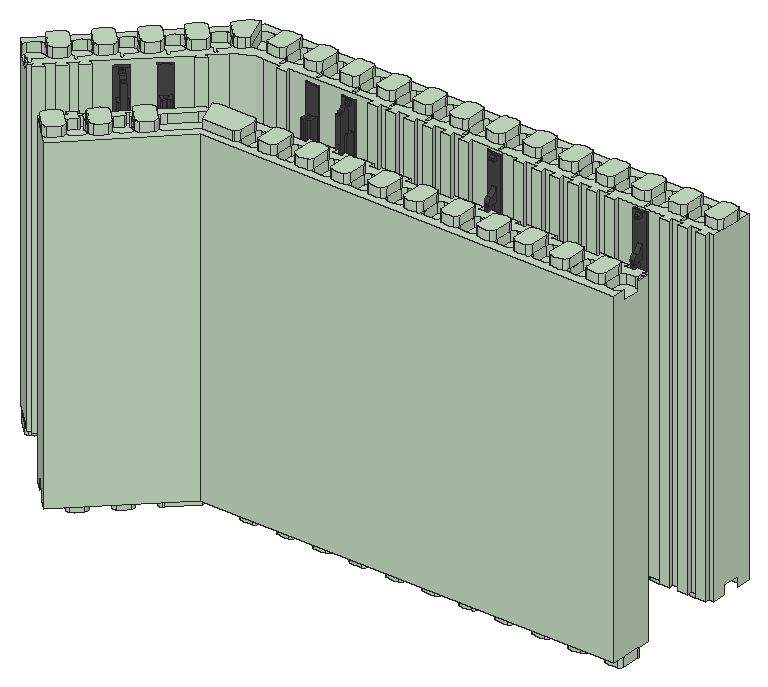
Revit family (continued)
Forms (mm)
  Extrusion 53, void
    sketch origin (579.716, -25.33, 0) x (0.707107, 0.707107, 0) y (-0.707107, 0.707107, 0)
      loop
        arc (-22.238, 206.726) -> (-27.183, 213.524) -> (-33.981, 218.47) r 26.988
    from 0 to 12.7
  Extrusion 54, void
    sketch origin (528.916, -25.33, 0) x (0.707107, 0.707107, 0) y (-0.707107, 0.707107, 0)
      loop
        arc (-33.981, 218.47) -> (-37.861, 219.088) -> (-41.362, 217.306) r 6.35
        line (-41.362, 217.306) -> (-57.906, 200.761)
        arc (-57.906, 200.761) -> (-59.689, 197.26) -> (-59.07, 193.38) r 6.35
        arc (-59.07, 193.38) -> (-55.492, 188.056) -> (-50.758, 183.727) r 26.988
        arc (-50.758, 183.727) -> (-50.1, 182.566) -> (-50.56, 181.314) r 1.588
        line (-50.56, 181.314) -> (-54.54, 177.334) -> (-51.471, 174.266) -> (-45.255, 180.482)
        arc (-45.255, 180.482) -> (-44.768, 180.814) -> (-44.193, 180.946) r 1.587
        arc (-44.193, 180.946) -> (-41.894, 181.472) -> (-39.946, 182.801) r 6.35
        line (-39.946, 182.801) -> (-23.401, 199.345)
        arc (-23.401, 199.345) -> (-21.619, 202.847) -> (-22.238, 206.726) r 6.35
        arc (-22.238, 206.726) -> (-27.183, 213.524) -> (-33.981, 218.47) r 26.988
    from 0 to 12.7
  Extrusion 55, void
    sketch origin (478.116, -25.33, 0) x (0.707107, 0.707107, 0) y (-0.707107, 0.707107, 0)
      loop
        arc (-33.981, 218.47) -> (-37.861, 219.088) -> (-41.362, 217.306) r 6.35
        line (-41.362, 217.306) -> (-57.906, 200.761)
        arc (-57.906, 200.761) -> (-59.689, 197.26) -> (-59.07, 193.38) r 6.35
        arc (-59.07, 193.38) -> (-55.492, 188.056) -> (-50.758, 183.727) r 26.988
        arc (-50.758, 183.727) -> (-50.1, 182.566) -> (-50.56, 181.314) r 1.588
        line (-50.56, 181.314) -> (-54.54, 177.334) -> (-51.471, 174.266) -> (-45.255, 180.482)
        arc (-45.255, 180.482) -> (-44.768, 180.814) -> (-44.193, 180.946) r 1.587
        arc (-44.193, 180.946) -> (-41.894, 181.472) -> (-39.946, 182.801) r 6.35
        line (-39.946, 182.801) -> (-23.401, 199.345)
        arc (-23.401, 199.345) -> (-21.619, 202.847) -> (-22.238, 206.726) r 6.35
        arc (-22.238, 206.726) -> (-27.183, 213.524) -> (-33.981, 218.47) r 26.988
    from 0 to 12.7
  Extrusion 56, void
    sketch origin (427.316, -25.33, 0) x (0.707107, 0.707107, 0) y (-0.707107, 0.707107, 0)
      loop
        arc (-33.981, 218.47) -> (-37.861, 219.088) -> (-41.362, 217.306) r 6.35
        line (-41.362, 217.306) -> (-57.906, 200.761)
        arc (-57.906, 200.761) -> (-59.689, 197.26) -> (-59.07, 193.38) r 6.35
        arc (-59.07, 193.38) -> (-55.492, 188.056) -> (-50.758, 183.727) r 26.988
        arc (-50.758, 183.727) -> (-50.1, 182.566) -> (-50.56, 181.314) r 1.588
        line (-50.56, 181.314) -> (-54.54, 177.334) -> (-51.471, 174.266) -> (-45.255, 180.482)
        arc (-45.255, 180.482) -> (-44.768, 180.814) -> (-44.193, 180.946) r 1.587
        arc (-44.193, 180.946) -> (-41.894, 181.472) -> (-39.946, 182.801) r 6.35
        line (-39.946, 182.801) -> (-23.401, 199.345)
        arc (-23.401, 199.345) -> (-21.619, 202.847) -> (-22.238, 206.726) r 6.35
        arc (-22.238, 206.726) -> (-27.183, 213.524) -> (-33.981, 218.47) r 26.988
    from 0 to 12.7
  Extrusion 57, void
    sketch origin (376.516, -25.33, 0) x (0.707107, 0.707107, 0) y (-0.707107, 0.707107, 0)
      loop
        arc (-33.981, 218.47) -> (-37.861, 219.088) -> (-41.362, 217.306) r 6.35
        line (-41.362, 217.306) -> (-57.906, 200.761)
        arc (-57.906, 200.761) -> (-59.689, 197.26) -> (-59.07, 193.38) r 6.35
        arc (-59.07, 193.38) -> (-55.492, 188.056) -> (-50.758, 183.727) r 26.988
        arc (-50.758, 183.727) -> (-50.1, 182.566) -> (-50.56, 181.314) r 1.588
        line (-50.56, 181.314) -> (-54.54, 177.334) -> (-51.471, 174.266) -> (-45.255, 180.482)
        arc (-45.255, 180.482) -> (-44.768, 180.814) -> (-44.193, 180.946) r 1.587
        arc (-44.193, 180.946) -> (-41.894, 181.472) -> (-39.946, 182.801) r 6.35
        line (-39.946, 182.801) -> (-23.401, 199.345)
        arc (-23.401, 199.345) -> (-21.619, 202.847) -> (-22.238, 206.726) r 6.35
        arc (-22.238, 206.726) -> (-27.183, 213.524) -> (-33.981, 218.47) r 26.988
    from 0 to 12.7
  Extrusion 58, void
    sketch origin (325.716, -25.33, 0) x (0.707107, 0.707107, 0) y (-0.707107, 0.707107, 0)
      loop
        arc (-33.981, 218.47) -> (-37.861, 219.088) -> (-41.362, 217.306) r 6.35
        line (-41.362, 217.306) -> (-57.906, 200.761)
        arc (-57.906, 200.761) -> (-59.689, 197.26) -> (-59.07, 193.38) r 6.35
        arc (-59.07, 193.38) -> (-55.492, 188.056) -> (-50.758, 183.727) r 26.988
        arc (-50.758, 183.727) -> (-50.1, 182.566) -> (-50.56, 181.314) r 1.588
        line (-50.56, 181.314) -> (-54.54, 177.334) -> (-51.471, 174.266) -> (-45.255, 180.482)
        arc (-45.255, 180.482) -> (-44.768, 180.814) -> (-44.193, 180.946) r 1.587
        arc (-44.193, 180.946) -> (-41.894, 181.472) -> (-39.946, 182.801) r 6.35
        line (-39.946, 182.801) -> (-23.401, 199.345)
        arc (-23.401, 199.345) -> (-21.619, 202.847) -> (-22.238, 206.726) r 6.35
        arc (-22.238, 206.726) -> (-27.183, 213.524) -> (-33.981, 218.47) r 26.988
    from 0 to 12.7
  Extrusion 59, void
    sketch origin (274.916, -25.33, 0) x (0.707107, 0.707107, 0) y (-0.707107, 0.707107, 0)
      loop
        arc (-33.981, 218.47) -> (-37.861, 219.088) -> (-41.362, 217.306) r 6.35
        line (-41.362, 217.306) -> (-57.906, 200.761)
        arc (-57.906, 200.761) -> (-59.689, 197.26) -> (-59.07, 193.38) r 6.35
        arc (-59.07, 193.38) -> (-55.492, 188.056) -> (-50.758, 183.727) r 26.988
        arc (-50.758, 183.727) -> (-50.1, 182.566) -> (-50.56, 181.314) r 1.588
        line (-50.56, 181.314) -> (-54.54, 177.334) -> (-51.471, 174.266) -> (-45.255, 180.482)
        arc (-45.255, 180.482) -> (-44.768, 180.814) -> (-44.193, 180.946) r 1.587
        arc (-44.193, 180.946) -> (-41.894, 181.472) -> (-39.946, 182.801) r 6.35
        line (-39.946, 182.801) -> (-23.401, 199.345)
        arc (-23.401, 199.345) -> (-21.619, 202.847) -> (-22.238, 206.726) r 6.35
        arc (-22.238, 206.726) -> (-27.183, 213.524) -> (-33.981, 218.47) r 26.988
    from 0 to 12.7
  Extrusion 60, void
    sketch origin (224.116, -25.33, 0) x (0.707107, 0.707107, 0) y (-0.707107, 0.707107, 0)
      loop
        arc (-33.981, 218.47) -> (-37.861, 219.088) -> (-41.362, 217.306) r 6.35
        line (-41.362, 217.306) -> (-57.906, 200.761)
        arc (-57.906, 200.761) -> (-59.689, 197.26) -> (-59.07, 193.38) r 6.35
        arc (-59.07, 193.38) -> (-55.492, 188.056) -> (-50.758, 183.727) r 26.988
        arc (-50.758, 183.727) -> (-50.1, 182.566) -> (-50.56, 181.314) r 1.588
        line (-50.56, 181.314) -> (-54.54, 177.334) -> (-51.471, 174.266) -> (-45.255, 180.482)
        arc (-45.255, 180.482) -> (-44.768, 180.814) -> (-44.193, 180.946) r 1.587
        arc (-44.193, 180.946) -> (-41.894, 181.472) -> (-39.946, 182.801) r 6.35
        line (-39.946, 182.801) -> (-23.401, 199.345)
        arc (-23.401, 199.345) -> (-21.619, 202.847) -> (-22.238, 206.726) r 6.35
        arc (-22.238, 206.726) -> (-27.183, 213.524) -> (-33.981, 218.47) r 26.988
    from 0 to 12.7
  Extrusion 61, void
    sketch origin (173.316, -25.33, 0) x (0.707107, 0.707107, 0) y (-0.707107, 0.707107, 0)
      loop
        arc (-33.981, 218.47) -> (-37.861, 219.088) -> (-41.362, 217.306) r 6.35
        line (-41.362, 217.306) -> (-57.906, 200.761)
        arc (-57.906, 200.761) -> (-59.689, 197.26) -> (-59.07, 193.38) r 6.35
        arc (-59.07, 193.38) -> (-55.492, 188.056) -> (-50.758, 183.727) r 26.988
        arc (-50.758, 183.727) -> (-50.1, 182.566) -> (-50.56, 181.314) r 1.588
        line (-50.56, 181.314) -> (-54.54, 177.334) -> (-51.471, 174.266) -> (-45.255, 180.482)
        arc (-45.255, 180.482) -> (-44.768, 180.814) -> (-44.193, 180.946) r 1.587
        arc (-44.193, 180.946) -> (-41.894, 181.472) -> (-39.946, 182.801) r 6.35
        line (-39.946, 182.801) -> (-23.401, 199.345)
        arc (-23.401, 199.345) -> (-21.619, 202.847) -> (-22.238, 206.726) r 6.35
        arc (-22.238, 206.726) -> (-27.183, 213.524) -> (-33.981, 218.47) r 26.988
    from 0 to 12.7
  Extrusion 62, void
    sketch origin (118.468, 82.433, 0) x (0, 1, 0) y (-1, 0, 0)
      loop
        arc (-33.981, 218.47) -> (-37.861, 219.088) -> (-41.362, 217.306) r 6.35
        line (-41.362, 217.306) -> (-57.906, 200.761)
        arc (-57.906, 200.761) -> (-59.689, 197.26) -> (-59.07, 193.38) r 6.35
        arc (-59.07, 193.38) -> (-55.492, 188.056) -> (-50.758, 183.727) r 26.988
        arc (-50.758, 183.727) -> (-50.1, 182.566) -> (-50.56, 181.314) r 1.588
        line (-50.56, 181.314) -> (-54.54, 177.334) -> (-51.471, 174.266) -> (-45.255, 180.482)
        arc (-45.255, 180.482) -> (-44.768, 180.814) -> (-44.193, 180.946) r 1.587
        arc (-44.193, 180.946) -> (-41.894, 181.472) -> (-39.946, 182.801) r 6.35
        line (-39.946, 182.801) -> (-23.401, 199.345)
        arc (-23.401, 199.345) -> (-21.619, 202.847) -> (-22.238, 206.726) r 6.35
        arc (-22.238, 206.726) -> (-27.183, 213.524) -> (-33.981, 218.47) r 26.988
    from 0 to 12.7
  Extrusion 63, void
    sketch origin (82.547, 46.512, 0) x (0, 1, 0) y (-1, 0, 0)
      loop
        arc (-33.981, 218.47) -> (-37.861, 219.088) -> (-41.362, 217.306) r 6.35
        line (-41.362, 217.306) -> (-57.906, 200.761)
        arc (-57.906, 200.761) -> (-59.689, 197.26) -> (-59.07, 193.38) r 6.35
        arc (-59.07, 193.38) -> (-55.492, 188.056) -> (-50.758, 183.727) r 26.988
        arc (-50.758, 183.727) -> (-50.1, 182.566) -> (-50.56, 181.314) r 1.588
        line (-50.56, 181.314) -> (-54.54, 177.334) -> (-51.471, 174.266) -> (-45.255, 180.482)
        arc (-45.255, 180.482) -> (-44.768, 180.814) -> (-44.193, 180.946) r 1.587
        arc (-44.193, 180.946) -> (-41.894, 181.472) -> (-39.946, 182.801) r 6.35
        line (-39.946, 182.801) -> (-23.401, 199.345)
        arc (-23.401, 199.345) -> (-21.619, 202.847) -> (-22.238, 206.726) r 6.35
        arc (-22.238, 206.726) -> (-27.183, 213.524) -> (-33.981, 218.47) r 26.988
    from 0 to 12.7
  Extrusion 64, void
    sketch origin (46.626, 10.591, 0) x (0, 1, 0) y (-1, 0, 0)
      loop
        arc (-33.981, 218.47) -> (-37.861, 219.088) -> (-41.362, 217.306) r 6.35
        line (-41.362, 217.306) -> (-57.906, 200.761)
        arc (-57.906, 200.761) -> (-59.689, 197.26) -> (-59.07, 193.38) r 6.35
        arc (-59.07, 193.38) -> (-55.492, 188.056) -> (-50.758, 183.727) r 26.988
        arc (-50.758, 183.727) -> (-50.1, 182.566) -> (-50.56, 181.314) r 1.588
        line (-50.56, 181.314) -> (-54.54, 177.334) -> (-51.471, 174.266) -> (-45.255, 180.482)
        arc (-45.255, 180.482) -> (-44.768, 180.814) -> (-44.193, 180.946) r 1.587
        arc (-44.193, 180.946) -> (-41.894, 181.472) -> (-39.946, 182.801) r 6.35
        line (-39.946, 182.801) -> (-23.401, 199.345)
        arc (-23.401, 199.345) -> (-21.619, 202.847) -> (-22.238, 206.726) r 6.35
        arc (-22.238, 206.726) -> (-27.183, 213.524) -> (-33.981, 218.47) r 26.988
    from 0 to 12.7
  Extrusion 65, void
    sketch origin (10.705, -25.33, 0) x (0, 1, 0) y (-1, 0, 0)
      loop
        arc (-33.981, 218.47) -> (-37.861, 219.088) -> (-41.362, 217.306) r 6.35
        line (-41.362, 217.306) -> (-57.906, 200.761)
        arc (-57.906, 200.761) -> (-59.689, 197.26) -> (-59.07, 193.38) r 6.35
        arc (-59.07, 193.38) -> (-55.492, 188.056) -> (-50.758, 183.727) r 26.988
        arc (-50.758, 183.727) -> (-50.1, 182.566) -> (-50.56, 181.314) r 1.588
        line (-50.56, 181.314) -> (-54.54, 177.334) -> (-51.471, 174.266) -> (-45.255, 180.482)
        arc (-45.255, 180.482) -> (-44.768, 180.814) -> (-44.193, 180.946) r 1.587
        arc (-44.193, 180.946) -> (-41.894, 181.472) -> (-39.946, 182.801) r 6.35
        line (-39.946, 182.801) -> (-23.401, 199.345)
        arc (-23.401, 199.345) -> (-21.619, 202.847) -> (-22.238, 206.726) r 6.35
        arc (-22.238, 206.726) -> (-27.183, 213.524) -> (-33.981, 218.47) r 26.988
    from 0 to 12.7
  Extrusion 66, void
    sketch origin (-621.716, -603.192, 0) x (1, 0, 0) y (0, 1, 0)
      loop
        arc (614.218, 499.042) -> (611.479, 495.837) -> (609.273, 492.245) r 26.987
        arc (609.273, 492.245) -> (608.654, 488.365) -> (610.436, 484.864) r 6.35
        line (610.436, 484.864) -> (626.981, 468.319)
        arc (626.981, 468.319) -> (630.482, 466.537) -> (634.362, 467.156) r 6.35
        arc (634.362, 467.156) -> (635.114, 467.555) -> (635.853, 467.978) r 26.987
        line (635.853, 467.978) -> (665.611, 497.736) -> (651.427, 531.979)
        arc (651.427, 531.979) -> (644.566, 528.311) -> (638.552, 523.376) r 39.687
        line (638.552, 523.376) -> (614.218, 499.042)
    from 457.2 to 444.5
  Extrusion 67, void
    sketch origin (866.505, 13.25, 0) x (-0.707107, -0.707107, 0) y (0.707107, -0.707107, 0)
      loop
        line (614.218, -499.042) -> (638.552, -523.376)
        arc (638.552, -523.376) -> (644.566, -528.311) -> (651.427, -531.979) r 39.687
        line (651.427, -531.979) -> (665.611, -497.736) -> (635.853, -467.978)
        arc (635.853, -467.978) -> (635.114, -467.555) -> (634.362, -467.156) r 26.987
        arc (634.362, -467.156) -> (630.482, -466.537) -> (626.981, -468.319) r 6.35
        line (626.981, -468.319) -> (610.436, -484.864)
        arc (610.436, -484.864) -> (608.654, -488.365) -> (609.273, -492.245) r 6.35
        arc (609.273, -492.245) -> (611.479, -495.837) -> (614.218, -499.042) r 26.987
    from 0 to 12.7
  Extrusion 68, solid, material "NUDURA Expanded Polystyrene Foam Insulation"
    sketch origin (-621.716, -603.192, 0) x (1, 0, 0) y (0, 1, 0)
      loop
        arc (707.695, 497.736) -> (708.517, 497.96) -> (709.331, 498.209) r 26.988
        arc (709.331, 498.209) -> (712.512, 500.515) -> (713.727, 504.251) r 6.35
        line (713.727, 504.251) -> (713.727, 527.648)
        arc (713.727, 527.648) -> (712.512, 531.385) -> (709.331, 533.69) r 6.35
        arc (709.331, 533.69) -> (705.231, 534.67) -> (701.027, 535) r 26.987
        line (701.027, 535) -> (666.615, 535)
        arc (666.615, 535) -> (658.872, 534.237) -> (651.427, 531.979) r 39.687
        line (651.427, 531.979) -> (665.611, 497.736) -> (707.695, 497.736)
    from 457.2 to 469.9
  Extrusion 69, solid, material "NUDURA Expanded Polystyrene Foam Insulation"
    sketch origin (866.505, 13.25, 0) x (-0.707107, -0.707107, 0) y (0.707107, -0.707107, 0)
      loop
        line (707.695, -497.736) -> (665.611, -497.736) -> (651.427, -531.979)
        arc (651.427, -531.979) -> (658.872, -534.237) -> (666.615, -535) r 39.687
        line (666.615, -535) -> (701.027, -535)
        arc (701.027, -535) -> (705.231, -534.67) -> (709.331, -533.69) r 26.987
        arc (709.331, -533.69) -> (712.512, -531.385) -> (713.727, -527.648) r 6.35
        line (713.727, -527.648) -> (713.727, -504.251)
        arc (713.727, -504.251) -> (712.512, -500.515) -> (709.331, -498.209) r 6.35
        arc (709.331, -498.209) -> (708.517, -497.96) -> (707.695, -497.736) r 26.988
    from 0 to -12.7
Cuts and joins
  Extrusion 4, Extrusion 5, Extrusion 6, Extrusion 7, Extrusion 8, Extrusion 9, Extrusion 10, Extrusion 11, Extrusion 12, Extrusion 13, Extrusion 14, Extrusion 15, Extrusion 16, Extrusion 17, Extrusion 18, Extrusion 19, Extrusion 20, Extrusion 21, Extrusion 22, Extrusion 23, Extrusion 24, Extrusion 25, Extrusion 26, Extrusion 27, Extrusion 28, Extrusion 29, Extrusion 30, Extrusion 31, Extrusion 32, Extrusion 33, Extrusion 34, Extrusion 35, Extrusion 36, Extrusion 37, Extrusion 38, Extrusion 39, Extrusion 40, Extrusion 41, Extrusion 42, Extrusion 43, Extrusion 44, Extrusion 45, Extrusion 46, Extrusion 47, Extrusion 48, Extrusion 49, Extrusion 50, Extrusion 51, Extrusion 52, Extrusion 53, Extrusion 54, Extrusion 55, Extrusion 56, Extrusion 57, Extrusion 58, Extrusion 59, Extrusion 60, Extrusion 61, Extrusion 62, Extrusion 63, Extrusion 64, Extrusion 65, Extrusion 66, Extrusion 67 cuts Extrusion 1
  Extrusion 6 cuts Extrusion 68
  Extrusion 33 cuts Extrusion 2
  Extrusion 35 cuts Extrusion 3
  Extrusion 38 cuts Extrusion 69
Lines and regions (mm)
  model lines
    curve 1: line (219.167, 117.545, 457.2) -> (219.167, 117.545, 0)
    curve 2: line (168.367, 117.545, 457.2) -> (168.367, 117.545, 0)
    curve 3: line (-201.696, -35.675, 0) -> (-201.696, -35.675, 457.2)
Dimensions and locks
  aligned and locked: level to plane 2
  aligned and locked: Extrusion 1 to level
  aligned and locked: level to Extrusion 1  (x2)
Nested families
  nested 1: "Interlock Tooth" at (574.611, 25.47, 0), type "Interlock Tooth"
  nested 2: "Interlock Tooth" at (523.811, 25.47, 0), type "Interlock Tooth"
  nested 3: "Interlock Tooth" at (473.011, 25.47, 0), type "Interlock Tooth"
  nested 4: "Interlock Tooth" at (422.211, 25.47, 0), type "Interlock Tooth"
  nested 5: "Interlock Tooth" at (371.411, 25.47, 0), type "Interlock Tooth"
  nested 6: "Interlock Tooth" at (320.611, 25.47, 0), type "Interlock Tooth"
  nested 7: "Interlock Tooth" at (269.811, 25.47, 0), type "Interlock Tooth"
  nested 8: "Interlock Tooth" at (219.011, 25.47, 0), type "Interlock Tooth"
  nested 9: "Interlock Tooth" at (168.211, 25.47, 0), type "Interlock Tooth"
  nested 10: "Interlock Tooth" at (117.411, 25.47, 0), type "Interlock Tooth"
  nested 11: "Interlock Tooth" at (-100.668, -64.861, 0) x (0.7071, 0.7071, 0) z (0, 0, 1), type "Interlock Tooth"
  nested 12: "Interlock Tooth" at (-136.589, -100.782, 0) x (0.7071, 0.7071, 0) z (0, 0, 1), type "Interlock Tooth"
  nested 13: "Interlock Tooth" at (-172.51, -136.703, 0) x (0.7071, 0.7071, 0) z (0, 0, 1), type "Interlock Tooth"
  nested 14: "Interlock Tooth" at (600.011, -25.33, 0), type "Interlock Tooth"
  nested 15: "Interlock Tooth" at (549.211, -25.33, 0), type "Interlock Tooth"
  nested 16: "Interlock Tooth" at (498.411, -25.33, 0), type "Interlock Tooth"
  nested 17: "Interlock Tooth" at (447.611, -25.33, 0), type "Interlock Tooth"
  nested 18: "Interlock Tooth" at (396.811, -25.33, 0), type "Interlock Tooth"
  nested 19: "Interlock Tooth" at (346.011, -25.33, 0), type "Interlock Tooth"
  nested 20: "Interlock Tooth" at (295.211, -25.33, 0), type "Interlock Tooth"
  nested 21: "Interlock Tooth" at (244.411, -25.33, 0), type "Interlock Tooth"
  nested 22: "Interlock Tooth" at (193.611, -25.33, 0), type "Interlock Tooth"
  nested 23: "Interlock Tooth" at (142.811, -25.33, 0), type "Interlock Tooth"
  nested 24: "Interlock Tooth" at (92.011, -25.33, 0), type "Interlock Tooth"
  nested 25: "Interlock Tooth" at (41.211, -25.33, 0), type "Interlock Tooth"
  nested 26: "Interlock Tooth" at (-9.589, -25.33, 0), type "Interlock Tooth"
  nested 27: "Interlock Tooth" at (-10.866, -46.901, 0) x (0.7071, 0.7071, 0) z (0, 0, 1), type "Interlock Tooth"
  nested 28: "Interlock Tooth" at (-46.787, -82.822, 0) x (0.7071, 0.7071, 0) z (0, 0, 1), type "Interlock Tooth"
  nested 29: "Interlock Tooth" at (-82.708, -118.743, 0) x (0.7071, 0.7071, 0) z (0, 0, 1), type "Interlock Tooth"
  nested 30: "Interlock Tooth" at (-118.629, -154.664, 0) x (0.7071, 0.7071, 0) z (0, 0, 1), type "Interlock Tooth"
  nested 31: "Interlock Tooth" at (-154.55, -118.743, -469.9) x (0.7071, 0.7071, 0) z (0, 0, 1), type "Interlock Tooth"
  nested 32: "Interlock Tooth" at (-118.629, -82.822, -469.9) x (0.7071, 0.7071, 0) z (0, 0, 1), type "Interlock Tooth"
  nested 33: "Interlock Tooth" at (-295.989, -13.225, -469.9) x (0.7071, 0.7071, 0) z (0, 0, 1), type "Interlock Tooth"
  nested 34: "Interlock Tooth" at (-260.068, 22.696, -469.9) x (0.7071, 0.7071, 0) z (0, 0, 1), type "Interlock Tooth"
  nested 35: "Interlock Tooth" at (-224.147, 58.617, -469.9) x (0.7071, 0.7071, 0) z (0, 0, 1), type "Interlock Tooth"
  nested 36: "Interlock Tooth" at (-188.226, 94.538, -469.9) x (0.7071, 0.7071, 0) z (0, 0, 1), type "Interlock Tooth"
  nested 37: "Interlock Tooth" at (-152.305, 130.46, -469.9) x (0.7071, 0.7071, 0) z (0, 0, 1), type "Interlock Tooth"
  nested 38: "Interlock Tooth" at (41.211, -25.33, -469.9) x (-1, 0, 0) z (0, 0, 1), type "Interlock Tooth"
  nested 39: "Interlock Tooth" at (92.011, -25.33, -469.9) x (-1, 0, 0) z (0, 0, 1), type "Interlock Tooth"
  nested 40: "Interlock Tooth" at (142.811, -25.33, -469.9) x (-1, 0, 0) z (0, 0, 1), type "Interlock Tooth"
  nested 41: "Interlock Tooth" at (193.611, -25.33, -469.9) x (-1, 0, 0) z (0, 0, 1), type "Interlock Tooth"
  nested 42: "Interlock Tooth" at (244.411, -25.33, -469.9) x (-1, 0, 0) z (0, 0, 1), type "Interlock Tooth"
  nested 43: "Interlock Tooth" at (295.211, -25.33, -469.9) x (-1, 0, 0) z (0, 0, 1), type "Interlock Tooth"
  nested 44: "Interlock Tooth" at (346.011, -25.33, -469.9) x (-1, 0, 0) z (0, 0, 1), type "Interlock Tooth"
  nested 45: "Interlock Tooth" at (396.811, -25.33, -469.9) x (-1, 0, 0) z (0, 0, 1), type "Interlock Tooth"
  nested 46: "Interlock Tooth" at (447.611, -25.33, -469.9) x (-1, 0, 0) z (0, 0, 1), type "Interlock Tooth"
  nested 47: "Interlock Tooth" at (498.411, -25.33, -469.9) x (-1, 0, 0) z (0, 0, 1), type "Interlock Tooth"
  nested 48: "Interlock Tooth" at (549.211, -25.33, -469.9) x (-1, 0, 0) z (0, 0, 1), type "Interlock Tooth"
  nested 49: "Interlock Tooth" at (600.011, -25.33, -469.9) x (-1, 0, 0) z (0, 0, 1), type "Interlock Tooth"
  nested 50: "Interlock Tooth" at (625.411, 25.47, -469.9) x (-1, 0, 0) z (0, 0, 1), type "Interlock Tooth"
  nested 51: "Interlock Tooth" at (574.611, 25.47, -469.9) x (-1, 0, 0) z (0, 0, 1), type "Interlock Tooth"
  nested 52: "Interlock Tooth" at (523.811, 25.47, -469.9) x (-1, 0, 0) z (0, 0, 1), type "Interlock Tooth"
  nested 53: "Interlock Tooth" at (473.011, 25.47, -469.9) x (-1, 0, 0) z (0, 0, 1), type "Interlock Tooth"
  nested 54: "Interlock Tooth" at (422.211, 25.47, -469.9) x (-1, 0, 0) z (0, 0, 1), type "Interlock Tooth"
  nested 55: "Interlock Tooth" at (371.411, 25.47, -469.9) x (-1, 0, 0) z (0, 0, 1), type "Interlock Tooth"
  nested 56: "Interlock Tooth" at (320.611, 25.47, -469.9) x (-1, 0, 0) z (0, 0, 1), type "Interlock Tooth"
  nested 57: "Interlock Tooth" at (269.811, 25.47, -469.9) x (-1, 0, 0) z (0, 0, 1), type "Interlock Tooth"
  nested 58: "Interlock Tooth" at (219.011, 25.47, -469.9) x (-1, 0, 0) z (0, 0, 1), type "Interlock Tooth"
  nested 59: "Interlock Tooth" at (168.211, 25.47, -469.9) x (-1, 0, 0) z (0, 0, 1), type "Interlock Tooth"
  nested 60: "Interlock Tooth" at (117.411, 25.47, -469.9) x (-1, 0, 0) z (0, 0, 1), type "Interlock Tooth"
  nested 61: "Capture Lugs" at (66.611, -25.33, 0) x (-1, 0, 0) z (0, 0, 1), type "Capture Lugs"
  nested 62: "Capture Lugs" at (-28.826, -64.861, 0) x (-0.7071, -0.7071, 0) z (0, 0, 1), type "Capture Lugs"
  nested 63: "NUDURA Diamond Pattern" at (422.367, 25.47, 0), type "NUDURA Diamond Pattern"
  nested 64: "NUDURA Diamond Pattern" at (15.967, 25.47, 0), type "NUDURA Diamond Pattern"
  nested 65: "NUDURA Diamond Pattern" at (422.367, -25.33, 0), type "NUDURA Diamond Pattern"
  nested 66: "NUDURA Diamond Pattern" at (219.167, -25.33, 0), type "NUDURA Diamond Pattern"
  nested 67: "NUDURA Logo Diamond" at (5.511, -117.405, 0), type "NUDURA Logo Diamond"
  nested 68: "4-inch Web" at (523.811, 0.07, 0), type "4-inch Web"
  nested 69: "4-inch Web" at (320.611, 0.07, 0), type "4-inch Web"
  nested 70: "4-inch Insert Web" at (117.411, 0.07, 0), type "4-inch Insert Web"
  nested 71: "4-inch Insert Web" at (-80.918, -81.032, 0) x (0.7071, 0.7071, 0) z (0, 0, 1), type "4-inch Insert Web"
  nested 72: "NUDURA Diamond Pattern" at (173.23, -195.075, 0) x (-0.7071, -0.7071, 0) z (0, 0, 1), type "NUDURA Diamond Pattern"
  nested 73: "NUDURA Diamond Pattern Missing Two Lines" at (-34.989, 260.42, 0), type "NUDURA Diamond Pattern minus Two lines"
  nested 74: "NUDURA Logo Diamond with No Outside Lines" at (423.015, 117.545, 0) x (-1, 0, 0) z (0, 0, 1), type "NUDURA Logo Diamond with No Outside Lines"
  nested 75: "NUDURA Logo Diamond with No Outside Lines" at (49.705, 215.726, 0) x (-0.7071, -0.7071, 0) z (0, 0, 1), type "NUDURA Logo Diamond with No Outside Lines"
  nested 76: "NUDURA Diamond Pattern Missing Two Lines" at (41.995, 5.96, 0) x (-0.7071, -0.7071, 0) z (0, 0, 1), type "NUDURA Diamond Pattern minus Two lines"
Definition of nested family "Interlock Tooth"
  Reference planes
    plane 1 "Center (Front/Back)": y = 0
    plane 2: z = 0
    plane 3 "Center (Left/Right)": x = 0
    plane 4: z = 457.2
    plane 5: z = 469.9
    plane 6: z = -12.7
  Forms (mm)
    Extrusion 1, solid, material "NUDURA Expanded Polystyrene Foam Insulation"
      sketch origin (0, -225.425, 0) x (1, 0, 0) y (0, 1, 0)
        loop
          arc (0, 101.014) -> (1.215, 97.278) -> (4.396, 94.972) r 6.35
          arc (4.396, 94.972) -> (12.7, 93.663) -> (21.004, 94.972) r 26.988
          arc (21.004, 94.972) -> (24.185, 97.278) -> (25.4, 101.014) r 6.35
          line (25.4, 101.014) -> (25.4, 124.411)
          arc (25.4, 124.411) -> (24.185, 128.147) -> (21.004, 130.453) r 6.35
          arc (21.004, 130.453) -> (12.7, 131.763) -> (4.396, 130.453) r 26.987
          arc (4.396, 130.453) -> (1.215, 128.147) -> (0, 124.411) r 6.35
          line (0, 124.411) -> (0, 101.014)
      from 457.2 to 469.9
  Dimensions and locks
    locked: plane 4 to level at 457.2
    locked: plane 4 to plane 5 at 12.7
    locked: plane 6 to level at 12.7
Definition of nested family "Capture Lugs"
  Reference planes
    plane 1 "Center (Front/Back)": y = 0
    plane 2: z = 0
    plane 3 "Center (Left/Right)": x = 0
  Forms (mm)
    Extrusion 1, solid, material "High Density Polystyrene"
      sketch origin (0, 0, 0) x (0, 1, 0) y (0, 0, 1)
        loop
          arc (-82.55, 0) -> (-81.817, 0.502) -> (-81.534, 1.344) r 1.397
          line (-81.534, 1.344) -> (-81.534, 449.4)
          arc (-81.534, 449.4) -> (-81.817, 450.243) -> (-82.55, 450.744) r 1.397
          line (-82.55, 450.744) -> (-82.55, 0)
      from 9.227 to -9.227
    Extrusion 2, solid, material "High Density Polystyrene"
      sketch origin (0, 0, 0) x (0, 1, 0) y (0, 0, 1)
        loop
          line (-81.534, 410.919) -> (-81.534, 380.439) -> (-68.834, 380.439) -> (-68.834, 410.919) -> (-81.534, 410.919)
        loop
          line (-81.534, 361.389) -> (-81.534, 330.909) -> (-68.834, 330.909) -> (-68.834, 361.389) -> (-81.534, 361.389)
        loop
          line (-81.534, 311.859) -> (-81.534, 281.379) -> (-68.834, 281.379) -> (-68.834, 311.859) -> (-81.534, 311.859)
        loop
          line (-81.534, 262.329) -> (-81.534, 234.897) -> (-68.834, 234.897) -> (-68.834, 262.329) -> (-81.534, 262.329)
        loop
          line (-81.534, 215.847) -> (-81.534, 188.415) -> (-68.834, 188.415) -> (-68.834, 215.847) -> (-81.534, 215.847)
        loop
          line (-81.534, 169.365) -> (-81.534, 138.885) -> (-68.834, 138.885) -> (-68.834, 169.365) -> (-81.534, 169.365)
        loop
          line (-81.534, 119.835) -> (-81.534, 89.355) -> (-68.834, 89.355) -> (-68.834, 119.835) -> (-81.534, 119.835)
        loop
          line (-81.534, 70.305) -> (-81.534, 39.825) -> (-68.834, 39.825) -> (-68.834, 70.305) -> (-81.534, 70.305)
      from 6.35 to -6.35
    Extrusion 3, void
      sketch origin (0, 0, 0) x (1, 0, 0) y (0, 1, 0)
        loop
          arc (-6.35, -70.929) -> (-5.736, -69.448) -> (-4.255, -68.834) r 2.095
          line (-4.255, -68.834) -> (-6.35, -68.834) -> (-6.35, -70.929)
      from 0 to 457.2
    Extrusion 4, void
      sketch origin (0, 0, 0) x (-1, 0, 0) y (0, -1, 0)
        loop
          line (-6.35, 70.929) -> (-6.35, 68.834) -> (-4.255, 68.834)
          arc (-4.255, 68.834) -> (-5.736, 69.448) -> (-6.35, 70.929) r 2.095
      from 0 to 457.2
    Extrusion 5, void
      sketch origin (0, 0, 0) x (1, 0, 0) y (0, 1, 0)
        loop
          arc (-1.191, -72.009) -> (0, -78.127) -> (1.191, -72.009) r 3.175
          line (1.191, -72.009) -> (1.191, -68.834) -> (-1.191, -68.834) -> (-1.191, -72.009)
      from 0 to 457.2
  Cuts and joins
    Extrusion 3, Extrusion 4 cuts Extrusion 1
    Extrusion 3, Extrusion 4, Extrusion 5 cuts Extrusion 2
Definition of nested family "4-inch Web"
  Reference planes
    plane 1 "Center (Front/Back)": y = 0
    plane 2: z = 0
    plane 3 "Center (Left/Right)": x = 0
  Forms (mm)
    Extrusion 1, solid, material "Polypropylene"
      sketch origin (0, -50.8, -12.7) x (0, 1, 0) y (0, 0, 1)
        loop
          arc (106.299, 25.02) -> (106.14, 24.651) -> (105.763, 24.513) r 0.508
          line (105.763, 24.513) -> (101.755, 24.735)
          arc (101.755, 24.735) -> (101.378, 24.597) -> (101.219, 24.228) r 0.508
          line (101.219, 24.228) -> (101.219, 22.419)
          arc (101.219, 22.419) -> (101.324, 22.033) -> (101.611, 21.753) r 0.762
          line (101.611, 21.753) -> (105.907, 19.367)
          arc (105.907, 19.367) -> (106.194, 19.087) -> (106.299, 18.7) r 0.762
          line (106.299, 18.7) -> (106.299, 25.02)
        loop
          line (-4.699, 25.02) -> (-4.699, 18.7)
          arc (-4.699, 18.7) -> (-4.594, 19.087) -> (-4.307, 19.367) r 0.762
          line (-4.307, 19.367) -> (-0.011, 21.753)
          arc (-0.011, 21.753) -> (0.276, 22.033) -> (0.381, 22.419) r 0.762
          line (0.381, 22.419) -> (0.381, 24.228)
          arc (0.381, 24.228) -> (0.222, 24.597) -> (-0.155, 24.735) r 0.508
          line (-0.155, 24.735) -> (-4.163, 24.513)
          arc (-4.163, 24.513) -> (-4.54, 24.651) -> (-4.699, 25.02) r 0.508
        loop
          line (101.473, 391.063) -> (101.473, 403.762) -> (98.806, 403.762) -> (98.806, 405.541) -> (105.494, 405.541)
          arc (105.494, 405.541) -> (105.911, 405.485) -> (106.299, 405.322) r 1.587
          line (106.299, 405.322) -> (106.299, 425.012)
          arc (106.299, 425.012) -> (103.551, 418.756) -> (97.959, 414.83) r 12.7
          arc (97.959, 414.83) -> (94.891, 412.509) -> (93.726, 408.843) r 6.35
          line (93.726, 408.843) -> (93.726, 407.128)
          arc (93.726, 407.128) -> (94.191, 406.006) -> (95.313, 405.541) r 1.588
          line (95.313, 405.541) -> (96.52, 405.541) -> (96.52, 403.762) -> (93.839, 403.762)
          arc (93.839, 403.762) -> (88.736, 403.993) -> (83.781, 405.241) r 25.4
          arc (83.781, 405.241) -> (81.506, 404.77) -> (80.818, 402.551) r 2.286
          arc (80.818, 402.551) -> (69.709, 393.89) -> (70.402, 407.959) r 7.747
          arc (70.402, 407.959) -> (73.514, 415.222) -> (66.25, 418.335) r 5.588
          arc (66.25, 418.335) -> (60.197, 414.438) -> (56.037, 408.562) r 18.923
          arc (56.037, 408.562) -> (53.917, 406.084) -> (50.8, 405.128) r 5.842
          arc (50.8, 405.128) -> (47.683, 406.084) -> (45.563, 408.562) r 5.842
          arc (45.563, 408.562) -> (41.403, 414.438) -> (35.35, 418.335) r 18.923
          arc (35.35, 418.335) -> (28.086, 415.222) -> (31.198, 407.959) r 5.588
          arc (31.198, 407.959) -> (31.891, 393.89) -> (20.782, 402.551) r 7.747
          arc (20.782, 402.551) -> (20.094, 404.77) -> (17.819, 405.241) r 2.286
          arc (17.819, 405.241) -> (12.864, 403.993) -> (7.761, 403.762) r 25.4
          line (7.761, 403.762) -> (5.08, 403.762) -> (5.08, 405.541) -> (6.287, 405.541)
          arc (6.287, 405.541) -> (7.409, 406.006) -> (7.874, 407.128) r 1.588
          line (7.874, 407.128) -> (7.874, 408.843)
          arc (7.874, 408.843) -> (6.709, 412.509) -> (3.641, 414.83) r 6.35
          arc (3.641, 414.83) -> (-1.951, 418.756) -> (-4.699, 425.012) r 12.7
          line (-4.699, 425.012) -> (-4.699, 405.322)
          arc (-4.699, 405.322) -> (-4.311, 405.485) -> (-3.894, 405.541) r 1.587
          line (-3.894, 405.541) -> (2.794, 405.541) -> (2.794, 403.762) -> (0.127, 403.762) -> (0.127, 391.063) -> (2.794, 391.063) -> (2.794, 389.285) -> (-3.112, 389.285)
          arc (-3.112, 389.285) -> (-4.234, 389.75) -> (-4.699, 390.872) r 1.587
          line (-4.699, 390.872) -> (-4.699, 370.933)
          arc (-4.699, 370.933) -> (-4.234, 372.056) -> (-3.112, 372.521) r 1.587
          line (-3.112, 372.521) -> (2.794, 372.521) -> (2.794, 370.743) -> (0.127, 370.743) -> (0.127, 358.043) -> (2.794, 358.043) -> (2.794, 356.265) -> (-3.112, 356.265)
          arc (-3.112, 356.265) -> (-4.234, 356.73) -> (-4.699, 357.852) r 1.587
          line (-4.699, 357.852) -> (-4.699, 337.913)
          arc (-4.699, 337.913) -> (-4.234, 339.036) -> (-3.112, 339.501) r 1.587
          line (-3.112, 339.501) -> (2.794, 339.501) -> (2.794, 337.723) -> (0.127, 337.723) -> (0.127, 325.024) -> (2.794, 325.024) -> (2.794, 323.245) -> (-3.112, 323.245)
          arc (-3.112, 323.245) -> (-4.234, 323.71) -> (-4.699, 324.832) r 1.588
          line (-4.699, 324.832) -> (-4.699, 309.602) -> (-2.286, 309.602)
          arc (-2.286, 309.602) -> (0.355, 312.217) -> (3.641, 313.956) r 12.7
          arc (3.641, 313.956) -> (6.709, 316.277) -> (7.874, 319.943) r 6.35
          line (7.874, 319.943) -> (7.874, 321.657)
          arc (7.874, 321.657) -> (7.409, 322.78) -> (6.287, 323.245) r 1.588
          line (6.287, 323.245) -> (5.08, 323.245) -> (5.08, 325.024) -> (7.761, 325.024)
          arc (7.761, 325.024) -> (12.864, 324.793) -> (17.819, 323.545) r 25.4
          arc (17.819, 323.545) -> (20.094, 324.015) -> (20.782, 326.235) r 2.286
          arc (20.782, 326.235) -> (31.891, 334.895) -> (31.198, 320.827) r 7.747
          arc (31.198, 320.827) -> (28.086, 313.563) -> (35.35, 310.451) r 5.588
          arc (35.35, 310.451) -> (41.403, 314.347) -> (45.563, 320.223) r 18.923
          arc (45.563, 320.223) -> (47.683, 322.701) -> (50.8, 323.658) r 5.842
          arc (50.8, 323.658) -> (53.917, 322.701) -> (56.037, 320.223) r 5.842
          arc (56.037, 320.223) -> (60.197, 314.347) -> (66.25, 310.451) r 18.923
          arc (66.25, 310.451) -> (73.514, 313.563) -> (70.402, 320.827) r 5.588
          arc (70.402, 320.827) -> (69.709, 334.895) -> (80.818, 326.235) r 7.747
          arc (80.818, 326.235) -> (81.506, 324.015) -> (83.781, 323.545) r 2.286
          arc (83.781, 323.545) -> (88.736, 324.793) -> (93.839, 325.024) r 25.4
          line (93.839, 325.024) -> (96.52, 325.024) -> (96.52, 323.245) -> (95.313, 323.245)
          arc (95.313, 323.245) -> (94.191, 322.78) -> (93.726, 321.657) r 1.588
          line (93.726, 321.657) -> (93.726, 319.943)
          arc (93.726, 319.943) -> (94.891, 316.277) -> (97.959, 313.956) r 6.35
          arc (97.959, 313.956) -> (101.245, 312.217) -> (103.886, 309.602) r 12.7
          line (103.886, 309.602) -> (106.299, 309.602) -> (106.299, 324.832)
          arc (106.299, 324.832) -> (105.834, 323.71) -> (104.712, 323.245) r 1.588
          line (104.712, 323.245) -> (98.806, 323.245) -> (98.806, 325.024) -> (101.473, 325.024) -> (101.473, 337.723) -> (98.806, 337.723) -> (98.806, 339.501) -> (104.712, 339.501)
          arc (104.712, 339.501) -> (105.834, 339.036) -> (106.299, 337.913) r 1.587
          line (106.299, 337.913) -> (106.299, 357.852)
          arc (106.299, 357.852) -> (105.834, 356.73) -> (104.712, 356.265) r 1.587
          line (104.712, 356.265) -> (98.806, 356.265) -> (98.806, 358.043) -> (101.473, 358.043) -> (101.473, 370.743) -> (98.806, 370.743) -> (98.806, 372.521) -> (104.712, 372.521)
          arc (104.712, 372.521) -> (105.834, 372.056) -> (106.299, 370.933) r 1.587
          line (106.299, 370.933) -> (106.299, 390.872)
          arc (106.299, 390.872) -> (105.834, 389.75) -> (104.712, 389.285) r 1.587
          line (104.712, 389.285) -> (98.806, 389.285) -> (98.806, 391.063) -> (101.473, 391.063)
        loop
          line (93.853, 370.743) -> (96.52, 370.743) -> (96.52, 372.521) -> (95.313, 372.521)
          arc (95.313, 372.521) -> (94.191, 372.986) -> (93.726, 374.108) r 1.588
          line (93.726, 374.108) -> (93.726, 387.697)
          arc (93.726, 387.697) -> (94.191, 388.82) -> (95.313, 389.285) r 1.588
          line (95.313, 389.285) -> (96.52, 389.285) -> (96.52, 391.063) -> (93.853, 391.063)
          arc (93.853, 391.063) -> (82.25, 388.394) -> (71.166, 384.049) r 80.787
          line (71.166, 384.049) -> (58.568, 377.745)
          arc (58.568, 377.745) -> (55.497, 371.178) -> (61.183, 366.679) r 5.842
          line (61.183, 366.679) -> (75.826, 366.679)
          arc (75.826, 366.679) -> (83.687, 367.598) -> (91.221, 370.023) r 40.64
          arc (91.221, 370.023) -> (92.492, 370.547) -> (93.853, 370.743) r 5.556
        loop
          line (93.853, 337.723) -> (96.52, 337.723) -> (96.52, 339.501) -> (95.313, 339.501)
          arc (95.313, 339.501) -> (94.191, 339.966) -> (93.726, 341.088) r 1.588
          line (93.726, 341.088) -> (93.726, 354.677)
          arc (93.726, 354.677) -> (94.191, 355.8) -> (95.313, 356.265) r 1.588
          line (95.313, 356.265) -> (96.52, 356.265) -> (96.52, 358.043) -> (93.853, 358.043)
          arc (93.853, 358.043) -> (92.492, 358.239) -> (91.221, 358.762) r 5.556
          arc (91.221, 358.762) -> (83.687, 361.188) -> (75.826, 362.107) r 40.64
          line (75.826, 362.107) -> (61.183, 362.107)
          arc (61.183, 362.107) -> (55.497, 357.608) -> (58.568, 351.04) r 5.842
          line (58.568, 351.04) -> (71.166, 344.737)
          arc (71.166, 344.737) -> (82.25, 340.392) -> (93.853, 337.723) r 80.787
        loop
          line (106.299, 457.58) -> (106.299, 463.9)
          arc (106.299, 463.9) -> (106.194, 463.513) -> (105.907, 463.233) r 0.762
          line (105.907, 463.233) -> (101.611, 460.847)
          arc (101.611, 460.847) -> (101.324, 460.567) -> (101.219, 460.181) r 0.762
          line (101.219, 460.181) -> (101.219, 458.372)
          arc (101.219, 458.372) -> (101.378, 458.003) -> (101.755, 457.865) r 0.508
          line (101.755, 457.865) -> (105.763, 458.087)
          arc (105.763, 458.087) -> (106.14, 457.949) -> (106.299, 457.58) r 0.508
        loop
          arc (-4.699, 457.58) -> (-4.54, 457.949) -> (-4.163, 458.087) r 0.508
          line (-4.163, 458.087) -> (-0.155, 457.865)
          arc (-0.155, 457.865) -> (0.222, 458.003) -> (0.381, 458.372) r 0.508
          line (0.381, 458.372) -> (0.381, 460.181)
          arc (0.381, 460.181) -> (0.276, 460.567) -> (-0.011, 460.847) r 0.762
          line (-0.011, 460.847) -> (-4.307, 463.233)
          arc (-4.307, 463.233) -> (-4.594, 463.513) -> (-4.699, 463.9) r 0.762
          line (-4.699, 463.9) -> (-4.699, 457.58)
        loop
          arc (7.747, 370.743) -> (9.108, 370.547) -> (10.379, 370.023) r 5.556
          arc (10.379, 370.023) -> (17.913, 367.598) -> (25.774, 366.679) r 40.64
          line (25.774, 366.679) -> (40.417, 366.679)
          arc (40.417, 366.679) -> (46.103, 371.178) -> (43.032, 377.745) r 5.842
          line (43.032, 377.745) -> (30.434, 384.049)
          arc (30.434, 384.049) -> (19.35, 388.394) -> (7.747, 391.063) r 80.787
          line (7.747, 391.063) -> (5.08, 391.063) -> (5.08, 389.285) -> (6.287, 389.285)
          arc (6.287, 389.285) -> (7.409, 388.82) -> (7.874, 387.697) r 1.588
          line (7.874, 387.697) -> (7.874, 374.108)
          arc (7.874, 374.108) -> (7.409, 372.986) -> (6.287, 372.521) r 1.588
          line (6.287, 372.521) -> (5.08, 372.521) -> (5.08, 370.743) -> (7.747, 370.743)
        loop
          arc (7.747, 337.723) -> (19.35, 340.392) -> (30.434, 344.737) r 80.787
          line (30.434, 344.737) -> (43.032, 351.04)
          arc (43.032, 351.04) -> (46.103, 357.608) -> (40.417, 362.107) r 5.842
          line (40.417, 362.107) -> (25.774, 362.107)
          arc (25.774, 362.107) -> (17.913, 361.188) -> (10.379, 358.762) r 40.64
          arc (10.379, 358.762) -> (9.108, 358.239) -> (7.747, 358.043) r 5.556
          line (7.747, 358.043) -> (5.08, 358.043) -> (5.08, 356.265) -> (6.287, 356.265)
          arc (6.287, 356.265) -> (7.409, 355.8) -> (7.874, 354.677) r 1.588
          line (7.874, 354.677) -> (7.874, 341.088)
          arc (7.874, 341.088) -> (7.409, 339.966) -> (6.287, 339.501) r 1.588
          line (6.287, 339.501) -> (5.08, 339.501) -> (5.08, 337.723) -> (7.747, 337.723)
        loop
          line (101.473, 91.537) -> (98.806, 91.537) -> (98.806, 93.315) -> (104.712, 93.315)
          arc (104.712, 93.315) -> (105.834, 92.85) -> (106.299, 91.728) r 1.587
          line (106.299, 91.728) -> (106.299, 111.667)
          arc (106.299, 111.667) -> (105.834, 110.544) -> (104.712, 110.079) r 1.587
          line (104.712, 110.079) -> (98.806, 110.079) -> (98.806, 111.857) -> (101.473, 111.857) -> (101.473, 124.557) -> (98.806, 124.557) -> (98.806, 126.335) -> (104.712, 126.335)
          arc (104.712, 126.335) -> (105.834, 125.87) -> (106.299, 124.748) r 1.587
          line (106.299, 124.748) -> (106.299, 144.687)
          arc (106.299, 144.687) -> (105.834, 143.564) -> (104.712, 143.099) r 1.587
          line (104.712, 143.099) -> (98.806, 143.099) -> (98.806, 144.877) -> (101.473, 144.877) -> (101.473, 157.576) -> (98.806, 157.576) -> (98.806, 159.355) -> (104.712, 159.355)
          arc (104.712, 159.355) -> (105.834, 158.89) -> (106.299, 157.768) r 1.588
          line (106.299, 157.768) -> (106.299, 172.998) -> (103.886, 172.998)
          arc (103.886, 172.998) -> (101.245, 170.383) -> (97.959, 168.644) r 12.7
          arc (97.959, 168.644) -> (94.891, 166.323) -> (93.726, 162.657) r 6.35
          line (93.726, 162.657) -> (93.726, 160.943)
          arc (93.726, 160.943) -> (94.191, 159.82) -> (95.313, 159.355) r 1.588
          line (95.313, 159.355) -> (96.52, 159.355) -> (96.52, 157.576) -> (93.839, 157.576)
          arc (93.839, 157.576) -> (88.736, 157.807) -> (83.781, 159.055) r 25.4
          arc (83.781, 159.055) -> (81.506, 158.585) -> (80.818, 156.365) r 2.286
          arc (80.818, 156.365) -> (69.709, 147.705) -> (70.402, 161.773) r 7.747
          arc (70.402, 161.773) -> (73.514, 169.037) -> (66.25, 172.149) r 5.588
          arc (66.25, 172.149) -> (60.197, 168.253) -> (56.037, 162.377) r 18.923
          arc (56.037, 162.377) -> (53.917, 159.899) -> (50.8, 158.942) r 5.842
          arc (50.8, 158.942) -> (47.683, 159.899) -> (45.563, 162.377) r 5.842
          arc (45.563, 162.377) -> (41.403, 168.253) -> (35.35, 172.149) r 18.923
          arc (35.35, 172.149) -> (28.086, 169.037) -> (31.198, 161.773) r 5.588
          arc (31.198, 161.773) -> (31.891, 147.705) -> (20.782, 156.365) r 7.747
          arc (20.782, 156.365) -> (20.094, 158.585) -> (17.819, 159.055) r 2.286
          arc (17.819, 159.055) -> (12.864, 157.807) -> (7.761, 157.576) r 25.4
          line (7.761, 157.576) -> (5.08, 157.576) -> (5.08, 159.355) -> (6.287, 159.355)
          arc (6.287, 159.355) -> (7.409, 159.82) -> (7.874, 160.943) r 1.588
          line (7.874, 160.943) -> (7.874, 162.657)
          arc (7.874, 162.657) -> (6.709, 166.323) -> (3.641, 168.644) r 6.35
          arc (3.641, 168.644) -> (0.355, 170.383) -> (-2.286, 172.998) r 12.7
          line (-2.286, 172.998) -> (-4.699, 172.998) -> (-4.699, 157.768)
          arc (-4.699, 157.768) -> (-4.234, 158.89) -> (-3.112, 159.355) r 1.588
          line (-3.112, 159.355) -> (2.794, 159.355) -> (2.794, 157.576) -> (0.127, 157.576) -> (0.127, 144.877) -> (2.794, 144.877) -> (2.794, 143.099) -> (-3.112, 143.099)
          arc (-3.112, 143.099) -> (-4.234, 143.564) -> (-4.699, 144.687) r 1.587
          line (-4.699, 144.687) -> (-4.699, 124.748)
          arc (-4.699, 124.748) -> (-4.234, 125.87) -> (-3.112, 126.335) r 1.587
          line (-3.112, 126.335) -> (2.794, 126.335) -> (2.794, 124.557) -> (0.127, 124.557) -> (0.127, 111.857) -> (2.794, 111.857) -> (2.794, 110.079) -> (-3.112, 110.079)
          arc (-3.112, 110.079) -> (-4.234, 110.544) -> (-4.699, 111.667) r 1.587
          line (-4.699, 111.667) -> (-4.699, 91.728)
          arc (-4.699, 91.728) -> (-4.234, 92.85) -> (-3.112, 93.315) r 1.587
          line (-3.112, 93.315) -> (2.794, 93.315) -> (2.794, 91.537) -> (0.127, 91.537) -> (0.127, 78.838) -> (2.794, 78.838) -> (2.794, 77.059) -> (-3.894, 77.059)
          arc (-3.894, 77.059) -> (-4.311, 77.115) -> (-4.699, 77.278) r 1.587
          line (-4.699, 77.278) -> (-4.699, 57.588)
          arc (-4.699, 57.588) -> (-1.951, 63.844) -> (3.641, 67.77) r 12.7
          arc (3.641, 67.77) -> (6.709, 70.091) -> (7.874, 73.757) r 6.35
          line (7.874, 73.757) -> (7.874, 75.472)
          arc (7.874, 75.472) -> (7.409, 76.594) -> (6.287, 77.059) r 1.588
          line (6.287, 77.059) -> (5.08, 77.059) -> (5.08, 78.838) -> (7.761, 78.838)
          arc (7.761, 78.838) -> (12.864, 78.607) -> (17.819, 77.359) r 25.4
          arc (17.819, 77.359) -> (20.094, 77.83) -> (20.782, 80.049) r 2.286
          arc (20.782, 80.049) -> (31.891, 88.71) -> (31.198, 74.641) r 7.747
          arc (31.198, 74.641) -> (28.086, 67.378) -> (35.35, 64.265) r 5.588
          arc (35.35, 64.265) -> (41.403, 68.162) -> (45.563, 74.038) r 18.923
          arc (45.563, 74.038) -> (47.683, 76.516) -> (50.8, 77.472) r 5.842
          arc (50.8, 77.472) -> (53.917, 76.516) -> (56.037, 74.038) r 5.842
          arc (56.037, 74.038) -> (60.197, 68.162) -> (66.25, 64.265) r 18.923
          arc (66.25, 64.265) -> (73.514, 67.378) -> (70.402, 74.641) r 5.588
          arc (70.402, 74.641) -> (69.709, 88.71) -> (80.818, 80.049) r 7.747
          arc (80.818, 80.049) -> (81.506, 77.83) -> (83.781, 77.359) r 2.286
          arc (83.781, 77.359) -> (88.736, 78.607) -> (93.839, 78.838) r 25.4
          line (93.839, 78.838) -> (96.52, 78.838) -> (96.52, 77.059) -> (95.313, 77.059)
          arc (95.313, 77.059) -> (94.191, 76.594) -> (93.726, 75.472) r 1.588
          line (93.726, 75.472) -> (93.726, 73.757)
          arc (93.726, 73.757) -> (94.891, 70.091) -> (97.959, 67.77) r 6.35
          arc (97.959, 67.77) -> (103.551, 63.844) -> (106.299, 57.588) r 12.7
          line (106.299, 57.588) -> (106.299, 77.278)
          arc (106.299, 77.278) -> (105.911, 77.115) -> (105.494, 77.059) r 1.587
          line (105.494, 77.059) -> (98.806, 77.059) -> (98.806, 78.838) -> (101.473, 78.838) -> (101.473, 91.537)
        loop
          arc (93.853, 111.857) -> (92.492, 112.053) -> (91.221, 112.577) r 5.556
          arc (91.221, 112.577) -> (83.687, 115.002) -> (75.826, 115.921) r 40.64
          line (75.826, 115.921) -> (61.183, 115.921)
          arc (61.183, 115.921) -> (55.497, 111.422) -> (58.568, 104.855) r 5.842
          line (58.568, 104.855) -> (71.166, 98.551)
          arc (71.166, 98.551) -> (82.25, 94.206) -> (93.853, 91.537) r 80.787
          line (93.853, 91.537) -> (96.52, 91.537) -> (96.52, 93.315) -> (95.313, 93.315)
          arc (95.313, 93.315) -> (94.191, 93.78) -> (93.726, 94.903) r 1.588
          line (93.726, 94.903) -> (93.726, 108.492)
          arc (93.726, 108.492) -> (94.191, 109.614) -> (95.313, 110.079) r 1.588
          line (95.313, 110.079) -> (96.52, 110.079) -> (96.52, 111.857) -> (93.853, 111.857)
        loop
          arc (93.853, 144.877) -> (82.25, 142.208) -> (71.166, 137.863) r 80.787
          line (71.166, 137.863) -> (58.568, 131.56)
          arc (58.568, 131.56) -> (55.497, 124.992) -> (61.183, 120.493) r 5.842
          line (61.183, 120.493) -> (75.826, 120.493)
          arc (75.826, 120.493) -> (83.687, 121.412) -> (91.221, 123.838) r 40.64
          arc (91.221, 123.838) -> (92.492, 124.361) -> (93.853, 124.557) r 5.556
          line (93.853, 124.557) -> (96.52, 124.557) -> (96.52, 126.335) -> (95.313, 126.335)
          arc (95.313, 126.335) -> (94.191, 126.8) -> (93.726, 127.923) r 1.588
          line (93.726, 127.923) -> (93.726, 141.512)
          arc (93.726, 141.512) -> (94.191, 142.634) -> (95.313, 143.099) r 1.588
          line (95.313, 143.099) -> (96.52, 143.099) -> (96.52, 144.877) -> (93.853, 144.877)
        loop
          line (7.747, 111.857) -> (5.08, 111.857) -> (5.08, 110.079) -> (6.287, 110.079)
          arc (6.287, 110.079) -> (7.409, 109.614) -> (7.874, 108.492) r 1.588
          line (7.874, 108.492) -> (7.874, 94.903)
          arc (7.874, 94.903) -> (7.409, 93.78) -> (6.287, 93.315) r 1.588
          line (6.287, 93.315) -> (5.08, 93.315) -> (5.08, 91.537) -> (7.747, 91.537)
          arc (7.747, 91.537) -> (19.35, 94.206) -> (30.434, 98.551) r 80.787
          line (30.434, 98.551) -> (43.032, 104.855)
          arc (43.032, 104.855) -> (46.103, 111.422) -> (40.417, 115.921) r 5.842
          line (40.417, 115.921) -> (25.774, 115.921)
          arc (25.774, 115.921) -> (17.913, 115.002) -> (10.379, 112.577) r 40.64
          arc (10.379, 112.577) -> (9.108, 112.053) -> (7.747, 111.857) r 5.556
        loop
          line (7.747, 144.877) -> (5.08, 144.877) -> (5.08, 143.099) -> (6.287, 143.099)
          arc (6.287, 143.099) -> (7.409, 142.634) -> (7.874, 141.512) r 1.588
          line (7.874, 141.512) -> (7.874, 127.923)
          arc (7.874, 127.923) -> (7.409, 126.8) -> (6.287, 126.335) r 1.588
          line (6.287, 126.335) -> (5.08, 126.335) -> (5.08, 124.557) -> (7.747, 124.557)
          arc (7.747, 124.557) -> (9.108, 124.361) -> (10.379, 123.838) r 5.556
          arc (10.379, 123.838) -> (17.913, 121.412) -> (25.774, 120.493) r 40.64
          line (25.774, 120.493) -> (40.417, 120.493)
          arc (40.417, 120.493) -> (46.103, 124.992) -> (43.032, 131.56) r 5.842
          line (43.032, 131.56) -> (30.434, 137.863)
          arc (30.434, 137.863) -> (19.35, 142.208) -> (7.747, 144.877) r 80.787
      from -3.175 to 3.175
    Extrusion 2, solid, material "Polypropylene"
      sketch origin (0, 0, 0) x (0, 1, 0) y (0, 0, 1)
        loop
          line (55.499, 452.438) -> (55.499, 4.762)
          arc (55.499, 4.762) -> (55.987, 3.618) -> (57.15, 3.176) r 1.588
          arc (57.15, 3.176) -> (58.313, 3.618) -> (58.801, 4.762) r 1.588
          line (58.801, 4.762) -> (58.801, 452.437)
          arc (58.801, 452.437) -> (58.313, 453.582) -> (57.15, 454.024) r 1.588
          arc (57.15, 454.024) -> (55.987, 453.582) -> (55.499, 452.438) r 1.588
        loop
          arc (-55.499, 452.438) -> (-55.987, 453.582) -> (-57.15, 454.024) r 1.588
          arc (-57.15, 454.024) -> (-58.313, 453.582) -> (-58.801, 452.437) r 1.588
          line (-58.801, 452.437) -> (-58.801, 4.762)
          arc (-58.801, 4.762) -> (-58.313, 3.618) -> (-57.15, 3.176) r 1.588
          arc (-57.15, 3.176) -> (-55.987, 3.618) -> (-55.499, 4.762) r 1.588
          line (-55.499, 4.762) -> (-55.499, 452.438)
      from -9.227 to 9.227
Definition of nested family "4-inch Insert Web"
  Reference planes
    plane 1 "Center (Front/Back)": y = 0
    plane 2: z = 0
    plane 3 "Center (Left/Right)": x = 0
  Forms (mm)
    Extrusion 1, solid, material "High Density Polystyrene"
      sketch origin (0, 0, 0) x (0, 1, 0) y (0, 0, 1)
        loop
          line (57.15, 0) -> (57.15, 450.744)
          arc (57.15, 450.744) -> (56.417, 450.243) -> (56.134, 449.4) r 1.397
          line (56.134, 449.4) -> (56.134, 1.344)
          arc (56.134, 1.344) -> (56.417, 0.502) -> (57.15, 0) r 1.397
        loop
          arc (-57.15, 0) -> (-56.417, 0.502) -> (-56.134, 1.344) r 1.397
          line (-56.134, 1.344) -> (-56.134, 449.4)
          arc (-56.134, 449.4) -> (-56.417, 450.243) -> (-57.15, 450.744) r 1.397
          line (-57.15, 450.744) -> (-57.15, 0)
      from 9.227 to -9.227
    Extrusion 2, solid, material "High Density Polystyrene"
      sketch origin (0, 0, 0) x (0, 1, 0) y (0, 0, 1)
        loop
          arc (55.598, 442.16) -> (55.975, 442.021) -> (56.134, 441.652) r 0.508
          line (56.134, 441.652) -> (56.134, 447.972)
          arc (56.134, 447.972) -> (56.029, 447.585) -> (55.742, 447.306) r 0.762
          line (55.742, 447.306) -> (53.986, 446.33)
          arc (53.986, 446.33) -> (53.699, 446.05) -> (53.594, 445.664) r 0.762
          line (53.594, 445.664) -> (53.594, 442.585)
          arc (53.594, 442.585) -> (53.753, 442.216) -> (54.13, 442.078) r 0.508
          line (54.13, 442.078) -> (55.598, 442.16)
        loop
          line (-53.986, 446.33) -> (-55.742, 447.306)
          arc (-55.742, 447.306) -> (-56.029, 447.585) -> (-56.134, 447.972) r 0.762
          line (-56.134, 447.972) -> (-56.134, 441.652)
          arc (-56.134, 441.652) -> (-55.975, 442.021) -> (-55.598, 442.16) r 0.508
          line (-55.598, 442.16) -> (-54.13, 442.078)
          arc (-54.13, 442.078) -> (-53.753, 442.216) -> (-53.594, 442.585) r 0.508
          line (-53.594, 442.585) -> (-53.594, 445.664)
          arc (-53.594, 445.664) -> (-53.699, 446.05) -> (-53.986, 446.33) r 0.762
        loop
          line (55.598, 8.585) -> (54.13, 8.666)
          arc (54.13, 8.666) -> (53.753, 8.528) -> (53.594, 8.159) r 0.508
          line (53.594, 8.159) -> (53.594, 5.08)
          arc (53.594, 5.08) -> (53.699, 4.694) -> (53.986, 4.414) r 0.762
          line (53.986, 4.414) -> (55.742, 3.439)
          arc (55.742, 3.439) -> (56.029, 3.159) -> (56.134, 2.772) r 0.762
          line (56.134, 2.772) -> (56.134, 9.092)
          arc (56.134, 9.092) -> (55.975, 8.723) -> (55.598, 8.585) r 0.508
        loop
          arc (-53.986, 4.414) -> (-53.699, 4.694) -> (-53.594, 5.08) r 0.762
          line (-53.594, 5.08) -> (-53.594, 8.159)
          arc (-53.594, 8.159) -> (-53.753, 8.528) -> (-54.13, 8.666) r 0.508
          line (-54.13, 8.666) -> (-55.598, 8.585)
          arc (-55.598, 8.585) -> (-55.975, 8.723) -> (-56.134, 9.092) r 0.508
          line (-56.134, 9.092) -> (-56.134, 2.772)
          arc (-56.134, 2.772) -> (-56.029, 3.159) -> (-55.742, 3.439) r 0.762
          line (-55.742, 3.439) -> (-53.986, 4.414)
        loop
          line (50.8, 437.076) -> (48.895, 442.918)
          arc (48.895, 442.918) -> (47.625, 443.68) -> (46.355, 442.918) r 1.439
          line (46.355, 442.918) -> (45.113, 439.108) -> (41.883, 439.108)
          arc (41.883, 439.108) -> (41.004, 438.744) -> (40.64, 437.865) r 1.243
          line (40.64, 437.865) -> (40.64, 437.076) -> (38.1, 437.076) -> (38.1, 400.201)
          arc (38.1, 400.201) -> (36.344, 393.421) -> (31.518, 388.345) r 13.97
          arc (31.518, 388.345) -> (30.285, 386.915) -> (30.081, 385.039) r 3.175
          arc (30.081, 385.039) -> (18.776, 376.743) -> (19.602, 390.741) r 7.747
          arc (19.602, 390.741) -> (22.454, 398.563) -> (14.366, 400.538) r 5.588
          arc (14.366, 400.538) -> (7.52, 397.224) -> (0, 396.085) r 25.4
          arc (0, 396.085) -> (-7.52, 397.224) -> (-14.366, 400.538) r 25.4
          arc (-14.366, 400.538) -> (-22.454, 398.563) -> (-19.602, 390.741) r 5.588
          arc (-19.602, 390.741) -> (-18.776, 376.743) -> (-30.081, 385.039) r 7.747
          arc (-30.081, 385.039) -> (-30.285, 386.915) -> (-31.518, 388.345) r 3.175
          arc (-31.518, 388.345) -> (-36.344, 393.421) -> (-38.1, 400.201) r 13.97
          line (-38.1, 400.201) -> (-38.1, 437.076) -> (-40.64, 437.076) -> (-40.64, 437.865)
          arc (-40.64, 437.865) -> (-41.004, 438.744) -> (-41.883, 439.108) r 1.243
          line (-41.883, 439.108) -> (-45.113, 439.108) -> (-46.355, 442.918)
          arc (-46.355, 442.918) -> (-47.625, 443.68) -> (-48.895, 442.918) r 1.439
          line (-48.895, 442.918) -> (-50.8, 437.076) -> (-50.8, 16.896) -> (-48.895, 11.054)
          arc (-48.895, 11.054) -> (-47.625, 10.292) -> (-46.355, 11.054) r 1.439
          line (-46.355, 11.054) -> (-45.113, 14.864) -> (-41.883, 14.864)
          arc (-41.883, 14.864) -> (-41.004, 15.228) -> (-40.64, 16.107) r 1.243
          line (-40.64, 16.107) -> (-40.64, 16.896) -> (-38.1, 16.896) -> (-38.1, 56.999)
          arc (-38.1, 56.999) -> (-36.344, 63.779) -> (-31.518, 68.855) r 13.97
          arc (-31.518, 68.855) -> (-30.285, 70.285) -> (-30.081, 72.161) r 3.175
          arc (-30.081, 72.161) -> (-18.776, 80.457) -> (-19.602, 66.459) r 7.747
          arc (-19.602, 66.459) -> (-22.454, 58.637) -> (-14.366, 56.662) r 5.588
          arc (-14.366, 56.662) -> (-7.52, 59.976) -> (0, 61.115) r 25.4
          arc (0, 61.115) -> (7.52, 59.976) -> (14.366, 56.662) r 25.4
          arc (14.366, 56.662) -> (22.454, 58.637) -> (19.602, 66.459) r 5.588
          arc (19.602, 66.459) -> (18.776, 80.457) -> (30.081, 72.161) r 7.747
          arc (30.081, 72.161) -> (30.285, 70.285) -> (31.518, 68.855) r 3.175
          arc (31.518, 68.855) -> (36.344, 63.779) -> (38.1, 56.999) r 13.97
          line (38.1, 56.999) -> (38.1, 16.896) -> (40.64, 16.896) -> (40.64, 16.107)
          arc (40.64, 16.107) -> (41.004, 15.228) -> (41.883, 14.864) r 1.243
          line (41.883, 14.864) -> (45.113, 14.864) -> (46.355, 11.054)
          arc (46.355, 11.054) -> (47.625, 10.292) -> (48.895, 11.054) r 1.439
          line (48.895, 11.054) -> (50.8, 16.896) -> (50.8, 437.076)
